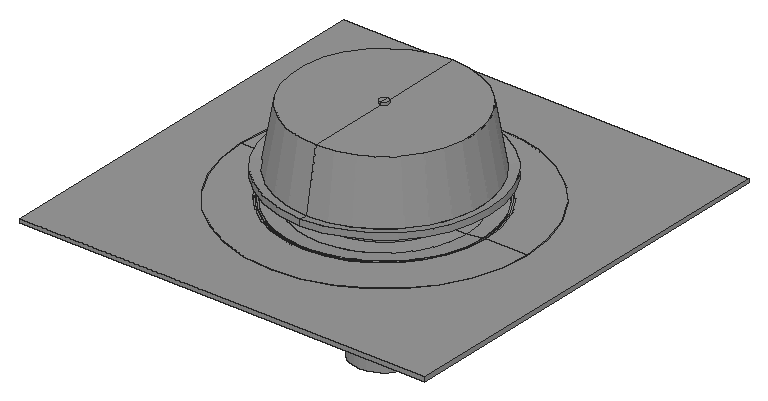
Revit family "HL_RU_Roof drain_HL62HSafe-B-221103", category Sanitärinstallationen, Revit 2020
Family settings
  Bemaßung runder Anschluss = Durchmesser verwenden
  Teiletyp = Normal
  OmniClass-Nummer = 23.70.50.21.24.14
  OmniClass-Titel = Deck Waste Water Drains
  Arbeitsebenenbasiert = Nein
  Immer vertikal = Ja
  Beim Laden mit Abzugskörper schneiden = Nein
  Gemeinsam genutzt = Nein
  Raumberechnungspunkt = Ja
Parameters (values of type "HL_Кровельная воронка_HL62HSafe_7")
  РЕШЁТКА = "Laubfangkorb d 262 mm"
  РАЗМЕР = "DN75"
  ПРОПУСКНАЯ СПОСОБНОСТЬ [instance] = 0.0 L/s
  ПРОИЗВОДИТЕЛЬНОСТЬ = "l/s"
  ПРАВОВАЯ ИНФОРМАЦИЯ = "Авторские права(©), права на дизайн или какие либо другие права интелектуальной собственности являются исключительной собственностью компании HL Hutterer & Lechner. Изменению не подлежит. Файл семейства с данными о прозводителе изделия защищен паролем с водяным знаком."
  НОМИНАЛЬНЫЙ ДИАМЕТР = 75 mm
  МАТЕРИАЛ = "PP"
  ВЫСОТА МОНТАЖА = "100mm"
  ВЕС = "3,253 [kg]"
  Vorgabe-Ansicht = 0 mm
  Hersteller = "HL Hutterer & Lechner GmbH"  # constant formula
  URL = "http://www.hutterer-lechner.com/ru/products/catalog/roof-drains/HL62HSafe/7.aspx"
  Материал плитка [instance] = none
  Lüftungsverbindung = no
  Abwasserrohrverbindung = yes
  HW-Verbindung = no
  KW-Verbindung = no
  Beschreibung = "Кровельные воронки"
  Model = "HL62HSafe_7"
  Assembly Code = " "
  Typenkommentare = "HL62HSafe/7, Воронка для аварийного водостока DN75 с полимербитумным полотном, с возможностью регулировки толщины слоя воды"
  Keynote = "HL62HSafe_7"
  Bысота монтажа [instance] = 28 mm  # constant formula
  G [instance] = 180.00°  # constant formula
  EAN = "9003076040667"
  D [instance] = if(НОМИНАЛЬНЫЙ ДИАМЕТР = 160 mm, 64.6 mm, 71.7 mm) + Bысота монтажа  # 99.7 mm
  C [instance] = if(Bысота монтажа - 68 mm < 0 mm, 0 mm, Bысота монтажа - 68 mm)  # 0 mm
  B [instance] = 100 mm  # constant formula
  A [instance] = if(B - 100 mm > 15 mm, B - 100 mm, 15 mm)  # 15 mm
Types (5, lengths in mm): name | РАЗМЕР | НОМИНАЛЬНЫЙ ДИАМЕТР | ВЕС | URL | Model | Typenkommentare | Keynote | EAN | D
  (no name) | "DN75" | 75 | "3,253 [kg]" | "http://www.hutterer-lechner.com/ru/products/catalog/roof-drains/HL62HSafe/7.aspx" | "HL62HSafe_7" | "HL62HSafe/7, Воронка для аварийного водостока DN75 с полимербитумным полотном, с возможностью регулировки толщины слоя воды" | "HL62HSafe_7" | "9003076040667" | 99.7
  HL_Кровельная воронка_HL62HSafe_1 | "DN110" | 110 | "3,494 [kg]" | "http://www.hutterer-lechner.com/ru/products/catalog/roof-drains/HL62HSafe/1.aspx" | "HL62HSafe_1" | "HL62HSafe/1, Воронка для аварийного водостока DN110 с полимербитумным полотном, с возможностью регулировки толщины слоя воды" | "HL62HSafe_1" | "9003076040636" | 99.7
  HL_Кровельная воронка_HL62HSafe_2 | "DN125" | 125 | "3,504 [kg]" | "http://www.hutterer-lechner.com/ru/products/catalog/roof-drains/HL62HSafe/2.aspx" | "HL62HSafe_2" | "HL62HSafe/2, Воронка для аварийного водостока DN125 с полимербитумным полотном, с возможностью регулировки толщины слоя воды" | "HL62HSafe_2" | "9003076040643" | 99.7
  HL_Кровельная воронка_HL62HSafe_5 | "DN160" | 160 | "3,514 [kg]" | "http://www.hutterer-lechner.com/ru/products/catalog/roof-drains/HL62HSafe/5.aspx" | "HL62HSafe_5" | "HL62HSafe/5, Воронка для аварийного водостока DN160 с полимербитумным полотном, с возможностью регулировки толщины слоя воды" | "HL62HSafe_5" | "9003076040650" | 92.6
  HL_Кровельная воронка_HL62HSafe_7 | "DN75" | 75 | "3,253 [kg]" | "http://www.hutterer-lechner.com/ru/products/catalog/roof-drains/HL62HSafe/7.aspx" | "HL62HSafe_7" | "HL62HSafe/7, Воронка для аварийного водостока DN75 с полимербитумным полотном, с возможностью регулировки толщины слоя воды" | "HL62HSafe_7" | "9003076040667" | 99.7
Reference planes
  plane 1 "Center (Front/Back)": y = 0
  plane 2: z = 0
  plane 3 "Center (Left/Right)": x = 0
  plane 4: z = -100
  plane 5: z = -28
Lines and regions (mm)
  model lines, style "InvisibleLines"
    curve 1: line (0, 0, 0) -> (0, 0, 20)
  model lines, style "PlumbingFixtures", detail levels coarse+medium
    curve 2: line (0, 0, -100) -> (0, 0, -85)
    curve 3: line (0, 0, -85) -> (-85, 0, 0)
    curve 4: line (0, 0, -85) -> (85, 0, 0)
    curve 6: line (0, 0, -100) -> (0, 0, -199.7)
  reference lines, not visible
    curve 5: line (0, 0, -100) -> (0, 0, -199.7)
  symbolic lines, style "PlumbingFixtures", detail levels coarse+medium
    curve 7: line (-75, 75, 0) -> (75, 75, 0)
    curve 8: line (-75, -75, 0) -> (-75, 75, 0)
    curve 9: line (75, -75, 0) -> (-75, -75, 0)
    curve 10: line (75, 75, 0) -> (75, -75, 0)
    curve 11: line (-75, 75, 0) -> (-145.711, 145.711, 0)
    curve 12: line (75, 75, 0) -> (145.711, 145.711, 0)
    curve 13: line (-75, -75, 0) -> (-145.711, -145.711, 0)
    curve 14: line (75, -75, 0) -> (145.711, -145.711, 0)
  symbolic lines, style "PlumbingFixtures", not visible, detail levels coarse+medium
    curve 15: line (-75, 75, 0) -> (75, 75, 0)
    curve 16: line (-75, -75, 0) -> (-75, 75, 0)
    curve 17: line (75, -75, 0) -> (-75, -75, 0)
    curve 18: line (75, 75, 0) -> (75, -75, 0)
    curve 19: line (-75, 75, 0) -> (-145.711, 145.711, 0)
    curve 20: line (75, 75, 0) -> (145.711, 145.711, 0)
    curve 21: line (-75, -75, 0) -> (-145.711, -145.711, 0)
    curve 22: line (75, -75, 0) -> (145.711, -145.711, 0)
Text (mm)
  text "FLOOR" at (-162.344, 0, -10.979), in view "Drain Construction View"
Dimensions and locks
  "B": plane 2 to plane 4
  "Bысота монтажа": plane 2 to plane 5
  "A": curve 4 to plane 4
  "D": curve 5 to curve 5
  "D": curve 6 to curve 6
  locked: curve 4 to plane 3 "Center (Left/Right)" (angle 45.00°)
  locked: plane 3 "Center (Left/Right)" to curve 3 (angle 45.00°)
  "G": angle curve 5 to plane 3 "Center (Left/Right)"
  aligned and locked: level to plane 2
  aligned and locked: plane 2 to curve 4
  aligned and locked: plane 2 to curve 3
  aligned and locked: plane 4 to curve 5
  aligned and locked: plane 3 "Center (Left/Right)" to curve 5
  aligned and locked: plane 4 to curve 2
  aligned and locked: curve 6 to plane 3 "Center (Left/Right)"
  aligned and locked: curve 6 to plane 4
  aligned and locked: nested 1 to plane 5
  aligned and locked: plane 3 "Center (Left/Right)" to nested 1
  aligned and locked: nested 2 to plane 2
  aligned and locked: plane 3 "Center (Left/Right)" to nested 2
Automatic sketch dimensions
  curve 2 to plane 3 "Center (Left/Right)" = 0 mm
  curve 1 to plane 3 "Center (Left/Right)" = 0 mm
  curve 1 to level = 0 mm
  level to curve 1 = 20 mm
Nested families
  nested 1: "HL_кровельные воронки - корпус_HL62H" at (0, 0, -32.7), НОМИНАЛЬНЫЙ ДИАМЕТР <- "НОМИНАЛЬНЫЙ ДИАМЕТР", type "HL_кровельные воронки - корпус_HL62H"
    with НОМИНАЛЬНЫЙ ДИАМЕТР 75 mm, L 65 mm
  nested 2: "HL_Вспомогательные материалы-Противопожарная защита_HL062.1Safe" at (0, 0, 0), Bысота монтажа <- "Bысота монтажа", type "HL_Вспомогательные материалы-Противопожарная защита_HL062.1Safe"
    with Пропускная способность 0.0 L/s, L 58 mm, IHmin 28 mm, IHmax 68 mm, Bысота монтажа 28 mm
Connectors
  piping at (0, 0, -199.7), diameter 75, driven by "ПРОПУСКНАЯ СПОСОБНОСТЬ", driven by "НОМИНАЛЬНЫЙ ДИАМЕТР"
    settings: on curve 5, index 1, connector inside diameter 609.6 mm, connector length 0 mm, flow factor 0, pipe flow 0.0 L/s, pressure drop 0.0 Pa, fitting loss kfactor 0, connector angle 0.00°, fixture units 0, engagement length 0 mm, angle of deflection 0.00°, flow configuration 1, flow direction 2, fitting loss method 0, system type 16, joint type 0, gender type 0, connector reference index -1, connector utility 0, adjustable connector yes, is connector primary yes, connector description ""
Definition of nested family "HL_кровельные воронки - корпус_HL62H"
  Parameters (values of type "HL_кровельные воронки - корпус_HL62H")
    НОМИНАЛЬНЫЙ ДИАМЕТР [instance] = 75 mm
    Default Elevation = 0 mm
    Manufacturer = ""
    URL = ""
    Description = ""
    Model = ""
    L [instance] = if(НОМИНАЛЬНЫЙ ДИАМЕТР = 160 mm, 57.9 mm, 65 mm)  # 65 mm
    Type Comments = ""
    Cost = 0
  Reference planes
    plane 1 "Střed (vpředu/vzadu)": y = 0
    plane 2: z = 0
    plane 3 "Střed (vlevo/vpravo)": x = 0
    plane 4: z = -102
  Forms (mm)
    Revolve 1, solid, detail levels fine
      sketch origin (0, 0, 0) x (1, 0, 0) y (0, 0, 1)
        loop
          line (-177, -3) -> (-127.89, -3) -> (-105.416, -11.18) -> (-85.028, -11.18) -> (-85.028, -29.56) -> (-81.899, -29.56) -> (-79.985, -31.474) -> (-79.985, -102) -> (0, -102) -> (0, -25.8) -> (-75.044, -25.8) -> (-75.044, -20.618) -> (-79.171, -20.618) -> (-79.171, -4.05) -> (-102.851, -4.05) -> (-126.892, 4.7) -> (-177, 4.7) -> (-177, -3)
        axis (0, 4.7) -> (0, -102)
      angle from 0 to 360
    Extrusion 2, solid, detail levels fine
      sketch origin (0, 0, 0) x (1, 0, 0) y (0, 1, 0)
        loop
          line (-250, 250) -> (-250, -250) -> (250, -250) -> (250, 250) -> (-250, 250)
        loop
          circle (0, 0) r 177
      from 0 to 4.7
    Revolve 3, solid, detail levels fine
      sketch origin (0, 0, 0) x (1, 0, 0) y (0, 0, 1)
        loop
          line (-123.627, 4.9) -> (-124.52, 4.9) -> (-123.816, 3.629) -> (-121.372, 2.756) -> (-101.806, 0.7) -> (-80.171, 0.7) -> (-80.171, -4.05) -> (-79.171, -4.05) -> (-79.171, 1.7) -> (-101.754, 1.7) -> (-122.045, 3.833) -> (-123.627, 4.9)
        axis (0, 4.9) -> (0, -4.05)
      angle from 0 to 360
    Extrusion 4, solid, detail levels fine
      sketch origin (-79.985, -1524, -102) x (-1, 0, 0) y (0, -1, 0)
        loop
          circle (-79.985, -1524) r 37.5
      from 0 to -65
  Dimensions and locks
    "L": plane 4 to Extrusion 4
    "НОМИНАЛЬНЫЙ ДИАМЕТР": diameter of Extrusion 4 sketch curve
    aligned and locked: level to plane 2
  Automatic sketch dimensions
    plane 1 "Střed (vpředu/vzadu)" to Extrusion 2 sketch curve = 0 mm
    Extrusion 2 sketch curve to plane 3 "Střed (vlevo/vpravo)" = 0 mm
    Extrusion 2 sketch curve to plane 3 "Střed (vlevo/vpravo)" = 250 mm
    plane 3 "Střed (vlevo/vpravo)" to Extrusion 2 sketch curve = 250 mm
    plane 1 "Střed (vpředu/vzadu)" to Extrusion 2 sketch curve = 250 mm
    Extrusion 2 sketch curve to plane 1 "Střed (vpředu/vzadu)" = 250 mm
    Revolve 3 sketch curve to plane 3 "Střed (vlevo/vpravo)" = 0 mm
    Revolve 3 sketch curve to level = 4.05 mm
    Revolve 3 sketch curve to plane 3 "Střed (vlevo/vpravo)" = 79.171 mm
    Revolve 3 sketch curve to Revolve 3 sketch curve = 1 mm
    level to Revolve 3 sketch curve = 1.7 mm
    Revolve 3 sketch curve to Revolve 3 sketch curve = 21.583 mm
    Revolve 3 sketch curve to Revolve 3 sketch curve = 0.052 mm
    level to Revolve 3 sketch curve = 2.756 mm
    Revolve 3 sketch curve to Revolve 3 sketch curve = 19.618 mm
    level to Revolve 3 sketch curve = 3.833 mm
    Revolve 3 sketch curve to Revolve 3 sketch curve = 0.673 mm
    Revolve 3 sketch curve to Revolve 3 sketch curve = 1.582 mm
    level to Revolve 3 sketch curve = 3.629 mm
    Revolve 3 sketch curve to Revolve 3 sketch curve = 0.189 mm
    Revolve 3 sketch curve to Revolve 3 sketch curve = 0.893 mm
    level to Revolve 3 sketch curve = 0.7 mm
    Revolve 3 sketch curve to Revolve 3 sketch curve = 1.271 mm
    Revolve 3 sketch curve to level = 63.3 mm
    level to Revolve 3 sketch curve = 41.7 mm
    Revolve 1 sketch curve to plane 4 = 0 mm
    Revolve 1 sketch curve to plane 3 "Střed (vlevo/vpravo)" = 0 mm  (x2)
    Revolve 1 sketch curve to Revolve 1 sketch curve = 4.127 mm
    Revolve 1 sketch curve to level = 31.474 mm
    Revolve 1 sketch curve to level = 29.56 mm
    Revolve 1 sketch curve to Revolve 1 sketch curve = 1.914 mm
    Revolve 1 sketch curve to Revolve 1 sketch curve = 5.857 mm
    Revolve 1 sketch curve to level = 4.05 mm
    Revolve 1 sketch curve to Revolve 1 sketch curve = 17.824 mm
    Revolve 1 sketch curve to Revolve 1 sketch curve = 2.565 mm
    level to Revolve 1 sketch curve = 4.7 mm
    Revolve 1 sketch curve to Revolve 1 sketch curve = 24.04 mm
    Revolve 1 sketch curve to level = 3 mm
    Revolve 1 sketch curve to Revolve 1 sketch curve = 0.999 mm
    Revolve 1 sketch curve to Revolve 1 sketch curve = 49.11 mm
    Revolve 1 sketch curve to Revolve 1 sketch curve = 5.182 mm
    Revolve 1 sketch curve to Revolve 1 sketch curve = 7.13 mm
    Revolve 1 sketch curve to plane 4 = 198 mm
    level to Revolve 1 sketch curve = 295.621 mm
    Revolve 1 sketch curve to Revolve 1 sketch curve = 5.674 mm
    Revolve 1 sketch curve to plane 3 "Střed (vlevo/vpravo)" = 75.044 mm
    Revolve 1 sketch curve to Revolve 1 sketch curve = 5.043 mm
    plane 1 "Střed (vpředu/vzadu)" to Extrusion 4 sketch curve = 0 mm
    Extrusion 4 sketch curve to plane 3 "Střed (vlevo/vpravo)" = 0 mm
    radius of Extrusion 2 sketch curve = 177 mm
Definition of nested family "HL_Вспомогательные материалы-Противопожарная защита_HL062.1Safe"
  Parameters (values of type "HL_Вспомогательные материалы-Противопожарная защита_HL062.1Safe")
    РЕШЁТКА = "Laubfangkorb d 262 mm"
    ПРАВОВАЯ ИНФОРМАЦИЯ = "Авторские права(©), права на дизайн или какие либо другие права интелектуальной собственности являются исключительной собственностью компании HL Hutterer & Lechner. Изменению не подлежит. Файл семейства с данными о прозводителе изделия защищен паролем с водяным знаком."
    МАТЕРИАЛ = "PP"
    ВЕС = "1,25 [kg]"
    Default Elevation = 0 mm
    Manufacturer = "HL Hutterer & Lechner GmbH"
    URL = "http://www.hutterer-lechner.com/ru/products/catalog/roof-drains/HL062.1Safe.aspx"
    Материал плитка = none
    Description = "Кровельные воронки"
    Model = "HL062.1Safe"
    L [instance] = if(Bысота монтажа < IHmin, -100 mm, if(Bысота монтажа > IHmax, -100 mm, Bысота монтажа + 30 mm))  # 58 mm
    Type Comments = "HL062.1Safe, Вставка в воронку для аварийного водоотведения"
    Keynote = "HL062.1Safe"
    Bысота монтажа [instance] = 28 mm
    IHmin [instance] = 28 mm
    IHmax [instance] = 68 mm
    Пропускная способность [instance] = 0.0 L/s
    EAN = "9003076040605"
    Cost = 0
  Reference planes
    plane 1 "Střed (vpředu/vzadu)": y = 0
    plane 2: z = 0
    plane 3 "Střed (vlevo/vpravo)": x = 0
  Forms (mm)
    Revolve 1, solid, detail levels fine
      sketch origin (0, 0, 0) x (0, 1, 0) y (0, 0, 1)
        loop
          line (0, 81.1) -> (-5.25, 81.1) -> (-5.25, 78.5) -> (-106.614, 78.5) -> (-119.486, 5.5) -> (-101.611, 5.5) -> (-90.568, 68.124) -> (0, 68.124) -> (0, 81.1)
        axis (0, 81.1) -> (0, 5.5)
      angle from 0 to 360
    Extrusion 2, solid, detail levels fine
      sketch origin (0, 0, 68.124) x (-1, 0, 0) y (0, 1, 0)
        loop
          circle (-50, 0) r 11.945
      from 0 to 82.224
    Extrusion 3, solid, detail levels fine
      sketch origin (-100, 0, 68.124) x (-1, 0, 0) y (0, 1, 0)
        loop
          circle (-50, 0) r 11.945
      from 0 to 82.224
    Revolve 4, solid, detail levels fine
      sketch origin (0, 0, 0) x (0, 1, 0) y (0, 0, 1)
        loop
          line (-130.983, 7.735) -> (-130.983, 0) -> (-69.061, 0) -> (-64.445, -4.616) -> (-64.445, -65.123) -> (-63.068, -66.5) -> (-58.068, -66.5) -> (-58.068, -4.58) -> (-68.148, 5.5) -> (-119.486, 5.5) -> (-130.983, 7.735)
        axis (0, 7.735) -> (0, -66.5)
      angle from 0 to 360
    Revolve 5, solid, detail levels fine
      sketch origin (0, 69.895, -58) x (0, -1, 0) y (0, 0, -1)
        loop
          line (149.29, -29.5) -> (149.29, -9.5) -> (139.79, 0) -> (134.34, 0) -> (134.34, -44) -> (138.069, -44) -> (138.069, -29.5) -> (149.29, -29.5)
        axis (69.895, -44) -> (69.895, 0)
      angle from 0 to 360
  Lines and regions (mm)
    reference lines
      curve 1: line (0, 69.895, -58) -> (0, -190.105, -58)
  Dimensions and locks
    "L": curve 1 to plane 2
    aligned and locked: level to plane 2
  Automatic sketch dimensions
    Revolve 1 sketch curve to plane 1 "Střed (vpředu/vzadu)" = 0 mm  (x2)
    plane 1 "Střed (vpředu/vzadu)" to Revolve 1 sketch curve = 5.25 mm
    Revolve 1 sketch curve to Revolve 1 sketch curve = 85.318 mm
    level to Revolve 1 sketch curve = 5.5 mm
    Revolve 1 sketch curve to Revolve 1 sketch curve = 11.042 mm
    Revolve 1 sketch curve to Revolve 1 sketch curve = 16.046 mm
    Revolve 1 sketch curve to Revolve 1 sketch curve = 17.876 mm
    Revolve 1 sketch curve to Revolve 1 sketch curve = 62.624 mm
    Revolve 1 sketch curve to Revolve 1 sketch curve = 10.376 mm
    Revolve 1 sketch curve to Revolve 1 sketch curve = 2.6 mm
    Revolve 1 sketch curve to Revolve 1 sketch curve = 40 mm
    Revolve 1 sketch curve to Revolve 1 sketch curve = 25 mm
    Extrusion 2 sketch curve to Revolve 1 = 50 mm
    Revolve 1 to Extrusion 3 sketch curve = 50 mm
    level to Revolve 4 sketch curve = 0 mm
    Revolve 4 sketch curve to plane 1 "Střed (vpředu/vzadu)" = 0 mm
    plane 1 "Střed (vpředu/vzadu)" to Revolve 4 sketch curve = 58.068 mm
    Revolve 4 sketch curve to Revolve 4 sketch curve = 5 mm
    Revolve 4 sketch curve to Revolve 4 sketch curve = 1.377 mm  (x2)
    Revolve 4 sketch curve to Revolve 4 sketch curve = 3.703 mm
    Revolve 4 sketch curve to Revolve 4 sketch curve = 0.913 mm
    level to Revolve 4 sketch curve = 5.5 mm
    Revolve 4 sketch curve to Revolve 4 sketch curve = 50.425 mm
    Revolve 4 sketch curve to Revolve 4 sketch curve = 11.497 mm
    Revolve 4 sketch curve to level = 4.58 mm
    Revolve 4 sketch curve to level = 4.616 mm
    Revolve 4 sketch curve to Revolve 4 sketch curve = 60.507 mm
    level to Revolve 4 sketch curve = 7.735 mm
    Revolve 4 sketch curve to Revolve 4 sketch curve = 10 mm
    Revolve 4 sketch curve to Revolve 4 sketch curve = 35 mm
    Revolve 5 sketch curve to curve 1 = 0 mm
    curve 1 to Revolve 5 sketch curve = 44 mm
    Revolve 5 sketch curve to curve 1 = 125.66 mm
    Revolve 5 sketch curve to Revolve 5 sketch curve = 3.729 mm
    Revolve 5 sketch curve to Revolve 5 sketch curve = 5.45 mm
    Revolve 5 sketch curve to Revolve 5 sketch curve = 11.221 mm
    Revolve 5 sketch curve to Revolve 5 sketch curve = 14.5 mm
    curve 1 to Revolve 5 sketch curve = 9.5 mm
    curve 1 to Revolve 5 sketch curve = 69.895 mm
    Revolve 5 sketch curve to curve 1 = 15 mm
    Revolve 5 sketch curve to Revolve 5 sketch curve = 40 mm
    plane 1 "Střed (vpředu/vzadu)" to curve 1 = 190.105 mm
    curve 1 to plane 1 "Střed (vpředu/vzadu)" = 69.895 mm
    radius of Extrusion 2 sketch curve = 11.945 mm
    radius of Extrusion 3 sketch curve = 11.945 mm
